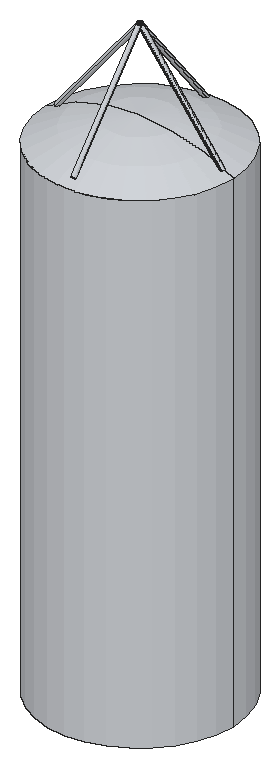
Revit family "Груша боксёрская Цилиндрическая 1300х450", category Оборудование, Revit 2017
Family settings
  Размер круглого соединителя = Использовать диаметр
  Тип детали = Нормальный
  На основе рабочей плоскости = Нет
  Всегда вертикально = Да
  При загрузке вырезать с полостями = Нет
  Общий = Нет
  Точка расчета площади = Нет
Parameters (values of type "Груша боксёрская цилиндрическая 1300х450")
  Ширина = 450.0 mm
  Примечание = ""
  Обозначение = ""
  Наименование = "Груша боксёрская цилиндрическая"
  Масса = "60"
  Код оборудования = ""
  Keynote = ""
  Изготовитель = "Severin"
  Завод = ""
  Единицы = "шт."
  Группа модели = "ТХ"
  Глубина = 450.0 mm
  Высота = 1300.0 mm
Reference planes
  plane 1 "По центру (Вперед/Назад)": y = 0
  plane 2: z = 0
  plane 3 "По центру (Влево/Вправо)": x = 0
  plane 4: z = 2000
  plane 5: through (206.93, -1524, 1941.464) normal (-0.7764, 0, -0.6303)
  plane 6: z = 1940
  plane 7: through (278.825, -1524, 2013.995) normal (0.6303, 0, -0.7764)
  plane 8: z = 700
  plane 9: z = 760
  plane 10: z = 2000
  plane 11: z = 1940
Forms (mm)
  Revolve 1, solid
    sketch origin (0, 0, 0) x (1, 0, 0) y (0, 0, 1)
      loop
        line (0, 2000) -> (0, 700)
        arc (0, 700) -> (116.414, 715.324) -> (225, 760) r 453.846
        line (225, 760) -> (225, 1940)
        arc (225, 1940) -> (116.379, 1984.545) -> (0, 2000) r 457.792
      axis (0, 2000) -> (0, 700)
    angle from 0 to 360
  Extrusion 2, solid
    sketch origin (278.825, -1524, 2013.995) x (0.776358, 0, 0.630292) y (0, -1, 0)
      loop
        circle (-101.532, -1524) r 5
    from 0 to -320
  Extrusion 3, solid
    sketch origin (-277.992, 1524, 2014.286) x (-0.776358, 0, 0.630292) y (0, 1, 0)
      loop
        circle (-101.532, -1524) r 5
    from 0 to -320
  Extrusion 4, solid
    sketch origin (-1524, -277.992, 2014.286) x (0, -0.776358, 0.630292) y (-1, 0, 0)
      loop
        circle (-101.532, -1524) r 5
    from 0 to -320
  Extrusion 5, solid
    sketch origin (277.992, -1524, 2014.286) x (0.776358, 0, 0.630292) y (0, -1, 0)
      loop
        circle (-101.532, -1524) r 5
    from 0 to -320
  Extrusion 6, solid
    sketch origin (1524, 277.992, 2014.286) x (0, 0.776358, 0.630292) y (1, 0, 0)
      loop
        circle (-101.532, -1524) r 5
    from 0 to -320
  Extrusion 7, solid
    sketch origin (277.992, -1524, 2014.286) x (0.776358, 0, 0.630292) y (0, -1, 0)
      loop
        circle (-101.532, -1524) r 5
    from 0 to -320
Lines and regions (mm)
  model lines, detail levels coarse+medium
    curve 1: line (200, 0, 1950) -> (0, 0, 2196.349)
Dimensions and locks
  aligned and locked: level to plane 2
